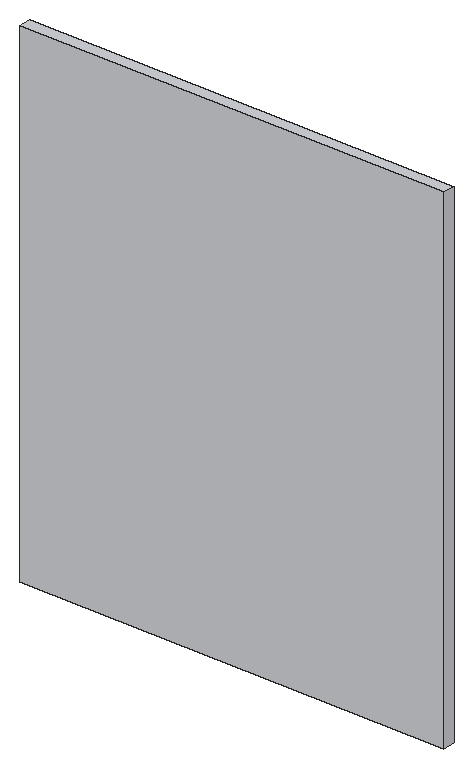
Revit family "Front - Plain", category Casework, Revit 2023
Family settings
  Work Plane-Based = No
  Always vertical = Yes
  Cut with Voids When Loaded = No
  Shared = No
  Room Calculation Point = No
Parameters (values of type "Front - Plain")
  Width = 600 mm
  Swing = yes
  Height = 704 mm
  Front Finish = none
  Depth = 16 mm
  Default Elevation = 0 mm
  Creator Organization [instance] = "© Danish Educational Content"  # constant formula
  Creator Name [instance] = "© Erik Falck Jørgensen"  # constant formula
  Creator Build [instance] = "2018.0420.0"  # constant formula
  Assembly Code = ""
Reference planes
  plane 1 "Front": y = 0
  plane 2: z = 0
  plane 3 "Center (Left/Right)": x = 0
  plane 4: x = -300
  plane 5: x = 300
  plane 6: z = 704
Forms (mm)
  Extrusion 1, solid, material <- "Front Finish"
    sketch origin (0, 0, 0) x (1, 0, 0) y (0, 0, 1)
      loop
        line (-297, 701) -> (-297, 3) -> (297, 3) -> (297, 701) -> (-297, 701)
    from 0 to 16 <- "Depth"
Lines and regions (mm)
  reference lines
    curve 1: line (-300, 0, 0) -> (392.82, -400, 0)
  symbolic lines, style "Elevation Swing", visible <- "Swing"
    curve 2: line (-300, 0, 0) -> (219.615, -300, 0)
    curve 3: arc (300, 0, 0) -> (279.555, -155.291, 0) -> (219.615, -300, 0) r 600
Dimensions and locks
  equal spacing: plane 4, plane 3 "Center (Left/Right)", plane 5
  "Width": plane 4 to plane 5
  "Height": plane 6 to plane 2
  locked: Extrusion 1 sketch curve to plane 2 at 3
  locked: plane 6 to Extrusion 1 sketch curve at 3
  locked: Extrusion 1 sketch curve to plane 4 at 3
  locked: plane 5 to Extrusion 1 sketch curve at 3
  locked: curve 1 to plane 1 "Front" (angle 30.00°)
  aligned and locked: level to plane 2
  aligned and locked: curve 2 to curve 1
Automatic sketch dimensions
  plane 1 "Front" to curve 1 = 0 mm
  curve 1 to plane 4 = 0 mm
  plane 1 "Front" to curve 3 = 0 mm
  curve 3 to plane 4 = 0 mm
  plane 1 "Front" to curve 2 = 0 mm
  curve 3 to plane 5 = 0 mm
